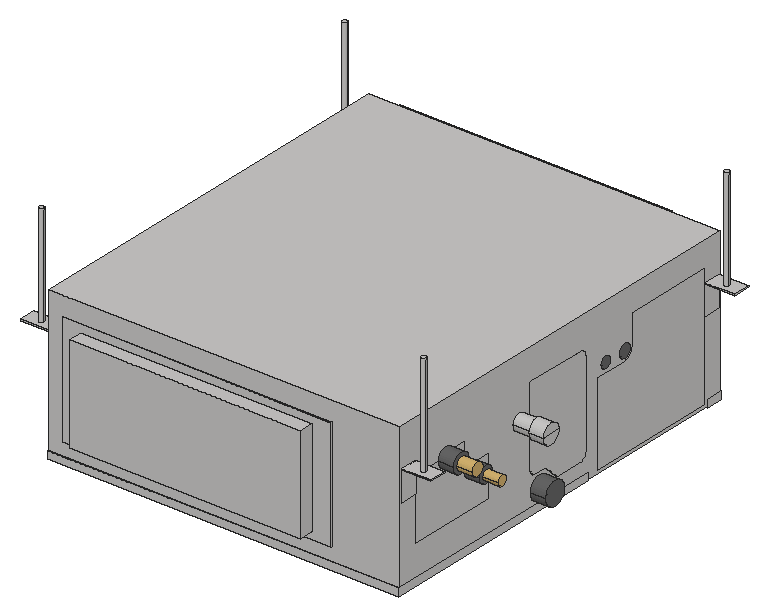
Revit family "Heat_Pump-Split_System-Indoor-Ducted-JCI-High_Static-1.3-4.5_ton", category Mechanical Equipment, Revit 2014 (continued)
Connectors (in)
  piping at (16.3315, -8.8125, 5.875), diameter 0.25, driven by "DX Liquid Radius"
    settings: on Extrusion 1, index 11, connector inside diameter 24", connector length 0.000", flow factor 0, pipe flow 0 GPM, pressure drop 0.00 psi, fitting loss kfactor 0, connector angle 0.00°, fixture units 0, engagement length 0.000", angle of deflection 0.00°, flow configuration 0, flow direction 0, fitting loss method 0, system type 22, joint type 0, gender type 0, connector reference index 10, connector utility 0, adjustable connector no, is connector primary no, connector description "Refrigerant Liquid"
  hvac at (-1.6565, 15.829, 6.90625), driven by "Return Air Connection Height", driven by "Return Air Connection Width", driven by "Actual Return Air Flow"
    settings: on Extrusion 13, index 22, duct flow 0 CFM, flow factor 0, pres drop 0.00 in-wg, loss coef 0, conn angle 0.00°, conn width 21 5/8", conn height 8 7/16", conn diameter 24", duct sys type 2, conn prof type 1, flow config 0, flow direction 1, loss method 0, conn ref index 6, conn util no, is conn primary no, conn desc "Return Air In"
  electrical at (13.8315, 4.5, 7.5)
    settings: on Extrusion 16, index 23, voltage 0 V, apparent load 0 VA, apparent load phase1 0 VA, apparent load phase2 0 VA, apparent load phase3 0 VA, power factor 1, load classification "Other", number of poles 1, system type 13, power factor state 1, is connector primary yes, connector utility no, sub classification motor no, connector description "Controls"
  electrical at (13.8315, 6.375, 7.5), driven by "Number of Poles", driven by "Load Classification", driven by "Voltage", driven by "Apparent Load", driven by "Power Factor"
    settings: on Extrusion 16, index 24, voltage 208 V, apparent load 624 VA, apparent load phase1 0 VA, apparent load phase2 0 VA, apparent load phase3 0 VA, power factor 0.8, load classification "HVAC", number of poles 2, system type 30, power factor state 1, is connector primary no, connector utility no, sub classification motor no, connector description "Power"
  cabletrayconduit at (13.8315, 4.5, 7.5), diameter 0.875, driven by "Controls Radius"
    settings: on Extrusion 16, index 25, connector width 12.000", connector height 12.000", connector angle 0.00°, system type 32, placement type 0, profile type 0, connector reference index -1, is primary connector yes, connector utility param no, connector description "Controls Conduit"
  cabletrayconduit at (13.8315, 6.375, 7.5), diameter 1, driven by "Power Radius"
    settings: on Extrusion 16, index 26, connector width 12.000", connector height 12.000", connector angle 0.00°, system type 32, placement type 0, profile type 0, connector reference index -1, is primary connector no, connector utility param no, connector description "Power Conduit"
  piping at (15.0315, -2.03125, 1.5625), diameter 1.25, driven by "Actual Condensate Drain Flow", driven by "Drain Radius"
    settings: on Extrusion 17, index 27, connector inside diameter 24", connector length 0.000", flow factor 0, pipe flow 0 GPM, pressure drop 0.00 psi, fitting loss kfactor 0, connector angle 0.00°, fixture units 0, engagement length 0.000", angle of deflection 0.00°, flow configuration 1, flow direction 2, fitting loss method 0, system type 16, joint type 0, gender type 0, connector reference index -1, connector utility 0, adjustable connector yes, is connector primary no, connector description "Drain Out"
